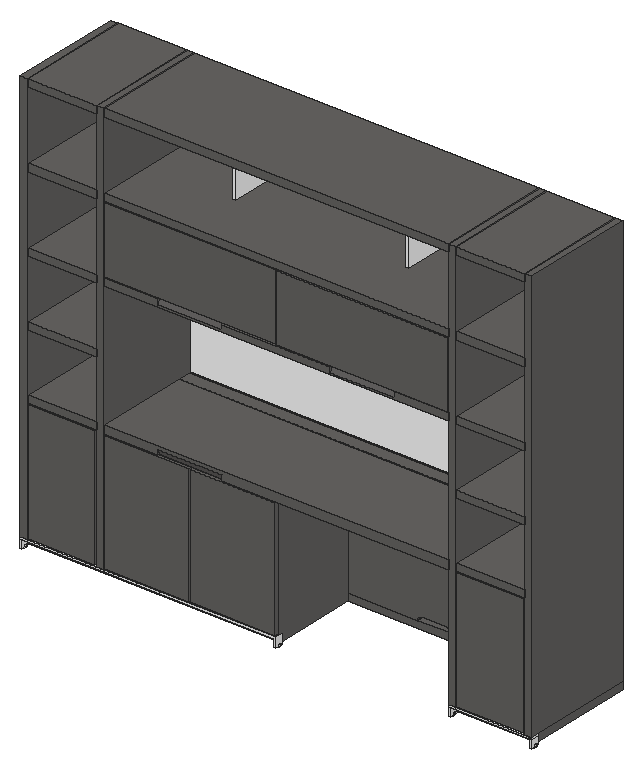
Revit family "Storage-Wall-Teknion-ZXSO_90_High_Without_Lights-R2011", category Furniture Systems, Revit 2013
Parameters (values of type "(See Type Catalog)")
  Working Wall Finish [instance] = Glass - Teknion - K6 - White Backpainted
  Width = 108 105/128"
  Warranty = "http://www.teknionstudio.com/pdfs/Teknion%20Studio%20Warranty.pdf"
  Wall Unit Finish [instance] = Veneer - Teknion - P7 - Grey Oak
  Unit Weight = 820.00 lbf
  URL = "www.teknionstudio.com"
  Tabletop Cutout Offset = if(Has Double Doors, 0", 4")  # 0"
  Right Storage Tower = Storage-Unit-Teknion-Tower : Upper Shelves & Lower Door
  Left Storage Tower = Storage-Unit-Teknion-Tower : Upper Shelves & Lower Door
  Series = "B&B Italia"
  Product Page URL = "http://www.teknionstudio.com/acexecutive/"
  Product Line = "AC Executive"
  Product Documentation Link = "http://www.teknionstudio.com/pricing/ac_executive_storage_walls_ppg.pdf"
  Part Number = "ZXSO"
  Model = ""
  Manufacturer Phone = "919-464-2920"
  Manufacturer Fax = "919-464-2927"
  Manufacturer Email = "customersupport@teknionstudio.com"
  Manufacturer Address = "3940 US 70 Business HWY West, Clayton, NC 27520"
  Manufacturer = "Teknion Studio"  # constant formula
  Low Emitting Material = yes
  Low Emitting Finish = yes
  Height = 89 123/128"
  Has File File Drawers = not(Has Double Doors)  # no
  Has Double Doors = yes
  Description = ""
  Depth = 24"
  Assembly Code = "E2020200"
Reference planes (in)
  plane 1 "Center F/B": y = 0
  plane 2: z = 0
  plane 3 "Back": y = 12
  plane 4 "Front": y = -12
  plane 5 "Doors Top": z = 73.80469
  plane 6: x = 28.60504
  plane 7: z = 29.68402
  plane 8: z = 56.1289
  plane 9: x = -44.78207
  plane 10: z = 2.1289
  plane 11 "Center L/R": x = -8.08858
  plane 12 "Foot Centerline": y = -11.2126
  plane 13 "Tabletop Cutout": y = -12
  plane 14 "Foot Centerline Front": y = -10.22835
  plane 15 "Foot Centerline Back": y = 10.22835
  plane 16: y = -8.484
  plane 17 "Left": x = -62.49874
  plane 18 "Center": x = -16.17717
  plane 19 "Right": x = 46.32157
  plane 20 "Top": z = 89.96094
Forms (in)
  Sweep 1, solid, material "Metal - Teknion - C6 - Chrome"
    path origin (0, 0, 0) x (1, 0, 0) y (0, 0, 1)
      loop
        line (-44.78207, 2.1289) -> (-8.08858, 2.1289) -> (-8.08858, 0.05803)
    profile origin (-26.43533, 0, 2.1289) x (0, 0, 1) y (0, -1, 0)
      loop
        line (0, 12) -> (-0.394, 12) -> (-0.394, 10.4252) -> (0, 10.4252) -> (0, 12)
  Sweep 2, solid, material "Metal - Teknion - C6 - Chrome"
    path origin (0, 0, 0) x (1, 0, 0) y (0, 0, 1)
      loop
        line (-44.78207, 2.1289) -> (-8.08858, 2.1289)
    profile origin (-26.43533, 0, 2.1289) x (0, 0, 1) y (0, -1, 0)
      loop
        line (-0.394, 10.6222) -> (-1.5748, 10.6222) -> (-1.5748, 10.4252) -> (-0.394, 10.4252) -> (-0.394, 10.6222)
  Revolve 3, solid, material "Metal - Teknion - C6 - Chrome"
    sketch origin (0.39385, -11.2126, 0) x (0, 0, -1) y (1, 0, 0)
      loop
        line (-0.4911, -8.67943) -> (0, -8.67943) -> (0, -8.34479) -> (-0.03937, -8.30542) -> (-0.20618, -8.30542) -> (-0.24555, -8.34479) -> (-0.28492, -8.30542) -> (-0.45173, -8.30542) -> (-0.4911, -8.34479) -> (-0.4911, -8.67943)
      axis (0, -8.67943) -> (-0.4911, -8.67943)
    angle from 0 to 360
  Sweep 4, solid, material "Veneer - Teknion - P7 - Grey Oak" <- "Wall Unit Finish"
    path origin (0, 0, 0) x (1, 0, 0) y (0, 0, 1)
      loop
        line (-44.78207, 29.68402) -> (28.60504, 29.68402)
    profile origin (-8.08852, 0, 29.68402) x (0, 0, 1) y (0, -1, 0)
      loop
        line (0, 12) -> (-1.7638, 12) -> (-1.7638, -7.11393) -> (-5.30827, -7.11393) -> (-5.30827, -7.08268) -> (-27.55512, -7.08268) -> (-27.55512, -7.11393) -> (-29.0945, -7.11393) -> (-29.0945, -12) -> (-27.55512, -12) -> (-27.55512, -7.80668) -> (-5.30828, -7.80668) -> (-5.30828, -12) -> (44.12067, -12) -> (44.12067, 12) -> (42.58097, 12) -> (42.58097, 11.2126) -> (27.98392, 11.2126) -> (27.98392, 12) -> (26.44488, 12) -> (26.44488, -10.94094) -> (0, -10.94094) -> (0, -10.90969) -> (-0.72441, -10.90969) -> (-0.72441, -10.56693) -> (0, -10.56693) -> (0, -8.05709) -> (-0.72441, -8.05709) -> (-0.72441, -7.80709) -> (0, -7.80709) -> (0, 12)
      loop
        line (60.27692, -12) -> (60.27692, 12) -> (58.73755, 12) -> (58.73755, -12) -> (60.27692, -12)
  Sweep 5, solid, material "Veneer - Teknion - P7 - Grey Oak" <- "Wall Unit Finish"
    path origin (0, 0, 0) x (1, 0, 0) y (0, 0, 1)
      loop
        line (-44.78207, 29.68402) -> (-8.08858, 29.68402)
    profile origin (-26.43533, 0, 29.68402) x (0, 0, 1) y (0, -1, 0)
      loop
        line (-1.7638, 11.27559) -> (-27.55512, 11.27559) -> (-27.55512, 10.4252) -> (-29.0945, 10.4252) -> (-29.0945, -12) -> (-1.7638, -12) -> (-1.7638, 11.27559)
  Sweep 6, solid, material "Veneer - Teknion - P7 - Grey Oak" <- "Wall Unit Finish"
    path origin (0, 0, 15.40683) x (-1, 0, 0) y (0, -1, 0)
      loop
        line (16.17717, 12) -> (16.17717, 11.276)
    profile origin (-16.17717, -11.638, 15.40683) x (-1, 0, 0) y (0, 0, 1)
      loop
        line (28.35376, 42.50186) -> (28.35376, 56.60815) -> (-7.96416, 56.60815) -> (-7.96416, 42.50186) -> (28.35376, 42.50186)
      loop
        line (-8.21416, 56.60815) -> (-44.5322, 56.60815) -> (-44.5322, 42.50186) -> (-8.21416, 42.50186) -> (-8.21416, 56.60815)
  Sweep 7, solid, material "Veneer - Teknion - P7 - Grey Oak" <- "Wall Unit Finish", visible <- "Has Double Doors"
    path origin (0, 0, 15.40683) x (-1, 0, 0) y (0, -1, 0)
      loop
        line (16.17717, 12) -> (16.17717, 11.276)
    profile origin (-16.17717, -11.638, 15.40683) x (-1, 0, 0) y (0, 0, 1)
      loop
        line (-7.83788, 12.26339) -> (-7.83788, -13.03482) -> (10.15331, -13.03482) -> (10.15331, 12.26339) -> (-7.83788, 12.26339)
      loop
        line (10.40331, 12.26339) -> (10.40331, -13.03482) -> (28.35504, -13.03482) -> (28.35504, 12.26339) -> (10.40331, 12.26339)
  Sweep 8, solid, material "Veneer - Teknion - P7 - Grey Oak" <- "Wall Unit Finish", visible <- "Has File File Drawers"
    path origin (0, 0, 15.40683) x (-1, 0, 0) y (0, -1, 0)
      loop
        line (16.17717, 12) -> (16.17717, 11.276)
    profile origin (-16.17717, -11.638, 15.40683) x (-1, 0, 0) y (0, 0, 1)
      loop
        line (-7.83801, 12.26339) -> (-7.83801, 0.01144) -> (28.3549, 0.01144) -> (28.3549, 12.26339) -> (-7.83801, 12.26339)
      loop
        line (28.3549, -0.77597) -> (-7.83801, -0.77597) -> (-7.83801, -13.03482) -> (28.3549, -13.03482) -> (28.3549, -0.77597)
  Sweep 9, void
    path origin (0, 0, 0) x (1, 0, 0) y (0, 0, 1)
      loop
        line (-33.34466, 29.68402) -> (-19.56514, 29.68402)
    profile origin (-26.4549, 0, 29.68402) x (0, 0, 1) y (0, -1, 0)
      loop
        line (-1.7638, 12) -> (-1.7638, 11.52756) -> (-0.66143, 12) -> (-1.7638, 12)
  Sweep 10, void
    path origin (0, 0, 0) x (1, 0, 0) y (0, 0, 1)
      loop
        line (-33.3248, 56.1289) -> (-19.54528, 56.1289)
    profile origin (-26.43504, 0, 56.1289) x (0, 0, 1) y (0, -1, 0)
      loop
        line (1.53937, 12) -> (0.43699, 12) -> (1.53937, 11.52755) -> (1.53937, 12)
  Sweep 11, void
    path origin (0, 0, 0) x (1, 0, 0) y (0, 0, 1)
      loop
        line (3.36811, 56.1289) -> (17.14764, 56.1289)
    profile origin (10.25787, 0, 56.1289) x (0, 0, 1) y (0, -1, 0)
      loop
        line (1.53937, 11.52755) -> (1.53937, 12) -> (0.43699, 12) -> (1.53937, 11.52755)
  Sweep 12, void
    path origin (0, 0, 0) x (1, 0, 0) y (0, 1, 0)
      loop
        line (0, 7.80668) -> (0, 7.08268)
    profile origin (0, 7.44468, 0) x (1, 0, 0) y (0, 0, 1)
      loop
        line (6.83338, 24.37575) -> (6.83338, 23.51079)
        arc (6.83338, 23.51079) -> (7.06401, 22.95401) -> (7.62079, 22.72339) r 0.7874
        line (7.62079, 22.72339) -> (12.93575, 22.72339)
        arc (12.93575, 22.72339) -> (13.49252, 22.95401) -> (13.72315, 23.51079) r 0.7874
        line (13.72315, 23.51079) -> (13.72315, 24.37575) -> (6.83338, 24.37575)
      loop
        line (13.72315, 2.1289) -> (13.72315, 2.28638)
        arc (13.72315, 2.28638) -> (13.50406, 2.81532) -> (12.97512, 3.03441) r 0.74803
        line (12.97512, 3.03441) -> (7.58142, 3.03441)
        arc (7.58142, 3.03441) -> (7.05248, 2.81532) -> (6.83338, 2.28638) r 0.74803
        line (6.83338, 2.28638) -> (6.83338, 2.1289) -> (13.72315, 2.1289)
  Sweep 13, solid, material "Acrylic - Teknion - Clear"
    path origin (0.93574, 0, 38.14576) x (-1, 0, 0) y (0, -1, 0)
      loop
        line (9.02433, -11.25197) -> (9.02433, 0.16535)
    profile origin (-8.08858, 5.54331, 38.14576) x (1, 0, 0) y (0, 0, 1)
      loop
        line (-18.65699, 50.26562) -> (-18.65699, 35.65893) -> (-18.0625, 35.65893) -> (-18.0625, 50.26562) -> (-18.65699, 50.26562)
      loop
        line (18.0625, 50.26562) -> (18.0625, 35.65893) -> (18.65699, 35.65893) -> (18.65699, 50.26562) -> (18.0625, 50.26562)
Cuts and joins
  joined: Sweep 1, Sweep 2, Revolve 3
  Sweep 9, Sweep 10, Sweep 11, Sweep 12 cuts Sweep 4
  joined: Sweep 4, Sweep 5
Lines and regions (in)
  Masking region 1
    outline origin (0, 0, 15.40683) x (-1, 0, 0) y (0, -1, 0)
      loop
        line (44.78207, -12) -> (44.78207, 12) -> (-28.60504, 12) -> (-28.60504, -12) -> (44.78207, -12)
  symbolic lines, style "Elevation Swing"
    curve 1: line (-44.78207, -12, 57.66827) -> (-26.43533, -12, 72.01499)
    curve 2: line (-8.08858, -12, 57.66832) -> (-26.43533, -12, 72.01499)
    curve 3: line (-8.08858, 0, 57.66832) -> (10.25823, 0, 72.18658)
    curve 4: line (10.25823, 0, 72.18658) -> (28.60504, 0, 57.66827)
  symbolic lines, style "Elevation Swing", visible <- "Has Double Doors"
    curve 5: line (-26.58047, 0, 27.67022) -> (-44.5322, 0, 15.02111)
    curve 6: line (-44.5322, 0, 15.02111) -> (-26.58047, 0, 2.37201)
    curve 7: line (-26.33047, 0, 2.37201) -> (-8.33929, 0, 15.02456)
    curve 8: line (-8.33929, 0, 15.02456) -> (-26.33047, 0, 27.67022)
  symbolic lines, style "FurnitureSystemsHiddenLines", detail levels medium+fine
    curve 9: line (-8.08858, 12, 15.40683) -> (-8.08858, -12, 15.40683)
  symbolic lines, style "FurnitureSystemsHiddenLines", detail levels fine
    curve 10: line (-44.78207, -11.276, 15.40683) -> (-8.08858, -11.276, 15.40683)
  symbolic lines, style "FurnitureSystems", visible <- "Has Double Doors"
    curve 11: arc (-26.43533, -12, 15.40683) -> (-21.06169, -24.97311, 15.40683) -> (-8.08858, -30.34674, 15.40683) r 18.34674
    curve 12: arc (-44.78207, -30.34674, 15.40683) -> (-31.80896, -24.97311, 15.40683) -> (-26.43533, -12, 15.40683) r 18.34674
    curve 13: line (-44.78207, -12, 15.40683) -> (-44.78207, -30.34674, 15.40683)
    curve 14: line (-8.08858, -12, 15.40683) -> (-8.08858, -30.34674, 15.40683)
Dimensions and locks (in)
  equal spacing: plane 3 "Back", plane 1 "Center F/B", plane 4 "Front"
  "Depth": plane 3 "Back" to plane 4 "Front"
  "Height": plane 20 "Top" to plane 2
  locked: plane 7 to plane 2 at 29.68402
  locked: plane 8 to plane 7 at 26.44488
  locked: plane 10 to plane 2 at 2.1289
  locked: plane 10 to Sweep 2 sketch curve at 0.394
  locked: Sweep 2 sketch curve to Sweep 2 sketch curve at 1.1808
  plane 4 "Front" to Sweep 2 sketch curve to Sweep 2 sketch curve = 1.3778" locked, 0.197" locked
  locked: plane 4 "Front" to plane 12 "Foot Centerline" at 0.7874
  locked: plane 10 to Sweep 4 sketch curve at 1.53939
  locked: plane 7 to Sweep 4 sketch curve at 1.7638
  Sweep 5 sketch curve to Sweep 5 sketch curve to plane 3 "Back" = 23.27559", 0"
  locked: plane 7 to Sweep 5 sketch curve at 1.7638
  locked: plane 4 "Front" to Sweep 5 sketch curve at 1.5748
  locked: plane 4 "Front" to Sweep 6 sketch curve at 0.724
  plane 5 "Doors Top" to Sweep 6 sketch curve to Sweep 6 sketch curve = 1.7897" locked, 14.1063" locked  (x2)
  Sweep 6 sketch curve to Sweep 6 sketch curve to Sweep 6 sketch curve to Sweep 6 sketch curve = 36.31805", 1/4", 36.31791"
  locked: plane 4 "Front" to Sweep 7 sketch curve at 0.724
  locked: plane 4 "Front" to Sweep 8 sketch curve at 0.724
  locked: Sweep 9 sketch curve to Sweep 9 sketch curve at 13.77953
  locked: plane 7 to Sweep 9 sketch curve at 1.7638
  locked: plane 13 "Tabletop Cutout" to Sweep 9 sketch curve at 0.47244
  "Tabletop Cutout Offset": plane 13 "Tabletop Cutout" to plane 4 "Front"
  locked: Sweep 10 sketch curve to Sweep 10 sketch curve at 13.77953
  locked: Sweep 10 sketch curve to plane 8 at 1.53937
  locked: Sweep 10 sketch curve to plane 8 at 0.43699
  locked: plane 4 "Front" to Sweep 10 sketch curve at 0.47245
  Sweep 11 sketch curve to Sweep 11 sketch curve to plane 8 = 1.10238" locked, 0.43699" locked
  locked: plane 4 "Front" to Sweep 11 sketch curve at 0.47245
  plane 3 "Back" to Sweep 12 sketch curve to Sweep 12 sketch curve = 4.19332" locked, 0.724" locked
  equal spacing: plane 11 "Center L/R", curve 2, plane 9
  equal spacing: plane 6, curve 4, plane 11 "Center L/R"
  locked: plane 4 "Front" to curve 10 at 0.724
  locked: plane 3 "Back" to plane 15 "Foot Centerline Back" at 1.77165
  locked: plane 4 "Front" to plane 14 "Foot Centerline Front" at 1.77165
  locked: plane 4 "Front" to plane 16 at 3.516
  locked: plane 17 "Left" to plane 9 at 17.71667
  locked: Sweep 7 sketch curve to Sweep 7 sketch curve at 25.29821  (x2)
  Sweep 7 sketch curve to Sweep 7 sketch curve to Sweep 7 sketch curve to Sweep 7 sketch curve = 17.95173" locked, 1/4" locked, 17.99118" locked
  Sweep 8 sketch curve to Sweep 8 sketch curve to Sweep 8 sketch curve to Sweep 8 sketch curve = 12.25195" locked, 0.7874" locked, 12.25886" locked
  locked: Sweep 8 sketch curve to Sweep 8 sketch curve at 36.19291  (x2)
  locked: Sweep 12 sketch curve to Sweep 12 sketch curve at 6.88976  (x2)
  locked: Sweep 12 sketch curve to Sweep 12 sketch curve at 1.65236
  locked: Sweep 1 sketch curve to plane 2 at 0.05803
  locked: plane 11 "Center L/R" to Sweep 10 sketch curve at 11.45669
  Sweep 11 sketch curve to Sweep 11 sketch curve to plane 11 "Center L/R" = 13.77953" locked, 11.45669" locked
  locked: plane 11 "Center L/R" to Sweep 12 sketch curve at 14.92197
  locked: Sweep 12 sketch curve to plane 11 "Center L/R" at 14.92197
  locked: Sweep 8 sketch curve to plane 11 "Center L/R" at 0.25057
  locked: plane 11 "Center L/R" to Sweep 8 sketch curve at 0.25057
  locked: plane 7 to Sweep 8 sketch curve at 2.0138
  locked: plane 11 "Center L/R" to Sweep 7 sketch curve at 0.25071
  locked: plane 7 to Sweep 7 sketch curve at 2.0138  (x2)
  locked: plane 18 "Center" to plane 11 "Center L/R" at 8.08858
  locked: Sweep 6 sketch curve to plane 6 at 0.25
  locked: plane 6 to plane 19 "Right" at 17.71654
  "Width": plane 17 "Left" to plane 19 "Right"
  equal spacing: plane 17 "Left", plane 11 "Center L/R", plane 19 "Right"
  plane 20 "Top" to plane 5 "Doors Top" = 16 5/32"
  locked: Sweep 13 sketch curve to Sweep 13 sketch curve at 11.41732
  locked: Sweep 13 sketch curve to Sweep 13 sketch curve at 0.59449  (x2)
  locked: plane 3 "Back" to Sweep 13 sketch curve at 0.74803
  locked: Sweep 13 sketch curve to plane 11 "Center L/R" at 18.0625
  equal spacing: Sweep 13 sketch curve, plane 11 "Center L/R", Sweep 13 sketch curve
  locked: Sweep 13 sketch curve to plane 5 "Doors Top" at 14.60669  (x2)
  locked: plane 20 "Top" to Sweep 4 sketch curve at 1.53937
  locked: plane 5 "Doors Top" to Sweep 4 sketch curve at 1.5397
  locked: Sweep 4 sketch curve to plane 8 at 1.53904
  locked: plane 7 to Sweep 12 sketch curve at 5.30827
  locked: Sweep 9 sketch curve to plane 9 at 11.43741
  Revolve 3 sketch curve to Revolve 3 sketch curve to Revolve 3 sketch curve to Revolve 3 sketch curve to Revolve 3 sketch curve to Revolve 3 sketch curve to plane 2 = 0.03937" locked, 0.16681" locked, 0.03937" locked, 0.03937" locked, 0.16681" locked, 0.03937" locked
  Revolve 3 sketch curve to Revolve 3 sketch curve to plane 11 "Center L/R" to Revolve 3 sketch curve = 0" locked, 0.17702" locked, 0.197" locked
  locked: plane 11 "Center L/R" to Revolve 3 sketch curve at 0.197
  equal spacing: plane 9, curve 12, plane 11 "Center L/R"
  aligned and locked: level to plane 2
  aligned and locked: Sweep 1 sketch curve to plane 10  (x2)
  aligned and locked: Sweep 1 sketch curve to plane 4 "Front"
  aligned and locked: Sweep 2 sketch curve to plane 10
  aligned and locked: plane 9 to Sweep 4 sketch curve
  aligned and locked: plane 6 to Sweep 4 sketch curve
  aligned and locked: Sweep 4 sketch curve to plane 7  (x4)
  aligned and locked: Sweep 4 sketch curve to plane 4 "Front"  (x2)
  aligned and locked: plane 3 "Back" to Sweep 4 sketch curve  (x2)
  aligned and locked: Sweep 5 sketch curve to plane 7
  aligned and locked: plane 10 to Sweep 5 sketch curve
  aligned and locked: plane 4 "Front" to Sweep 6 sketch curve
  aligned and locked: Sweep 4 sketch curve to plane 8
  aligned and locked: plane 4 "Front" to Sweep 7 sketch curve
  aligned and locked: plane 4 "Front" to Sweep 8 sketch curve
  aligned and locked: Sweep 9 sketch curve to plane 7
  aligned and locked: plane 13 "Tabletop Cutout" to Sweep 9 sketch curve
  aligned and locked: Sweep 10 sketch curve to plane 8
  aligned and locked: Sweep 11 sketch curve to plane 8
  aligned and locked: Sweep 11 sketch curve to plane 4 "Front"
  aligned and locked: plane 9 to curve 1
  aligned and locked: plane 11 "Center L/R" to curve 2
  aligned and locked: Sweep 6 to curve 2
  aligned and locked: plane 6 to curve 4
  aligned and locked: Masking region 1 sketch curve to plane 3 "Back"
  aligned and locked: Masking region 1 sketch curve to plane 4 "Front"
  aligned and locked: plane 3 "Back" to curve 9
  aligned and locked: plane 4 "Front" to curve 9
  aligned and locked: plane 4 "Front" to Sweep 10 sketch curve
  aligned and locked: Sweep 4 sketch curve to plane 5 "Doors Top"
  aligned and locked: plane 12 "Foot Centerline" to Sweep 4 sketch curve
  aligned and locked: plane 4 "Front" to Sweep 4 sketch curve  (x2)
  aligned and locked: Sweep 1 sketch curve to plane 11 "Center L/R"
  aligned and locked: plane 10 to Sweep 12 sketch curve
  aligned and locked: plane 9 to Masking region 1 sketch curve
  aligned and locked: Sweep 7 sketch curve to plane 18 "Center"
  aligned and locked: plane 1 "Center F/B" to Sweep 5 sketch curve
  aligned: plane 11 "Center L/R" to Sweep 5 sketch curve
  aligned: plane 6 to Sweep 5 sketch curve
  aligned and locked: Sweep 8 sketch curve to plane 18 "Center"
  aligned and locked: Sweep 6 sketch curve to plane 18 "Center"
  aligned and locked: nested 1 to plane 2
  aligned and locked: Sweep 7 to curve 7
  aligned and locked: curve 6 to Sweep 7
  aligned and locked: curve 8 to Sweep 7
  aligned and locked: Sweep 7 to curve 5
  aligned and locked: Sweep 7 to Sweep 7
  aligned and locked: Sweep 7 to curve 6  (x2)
  aligned and locked: curve 7 to Sweep 7
  aligned and locked: Sweep 7 to curve 8
  aligned and locked: plane 9 to nested 1
  aligned and locked: nested 1 to plane 1 "Center F/B"
  aligned and locked: Masking region 1 sketch curve to plane 6
  aligned and locked: plane 1 "Center F/B" to nested 2
  aligned and locked: nested 2 to plane 6
  aligned and locked: plane 2 to nested 2
  aligned and locked: Sweep 13 sketch curve to plane 11 "Center L/R"
  aligned and locked: plane 5 "Doors Top" to Sweep 13 sketch curve  (x2)
  aligned and locked: Sweep 4 sketch curve to plane 20 "Top"
  aligned and locked: plane 9 to Sweep 5 sketch curve
  aligned and locked: plane 11 "Center L/R" to Sweep 5 sketch curve
  aligned and locked: plane 9 to Sweep 1 sketch curve
  aligned and locked: plane 10 to Sweep 1 sketch curve
  aligned and locked: plane 9 to Sweep 2 sketch curve
  aligned and locked: plane 11 "Center L/R" to Sweep 2 sketch curve
  aligned and locked: nested 1 to curve 10
  aligned and locked: plane 4 "Front" to curve 12
  aligned and locked: plane 4 "Front" to Sweep 7
  aligned and locked: curve 14 to plane 11 "Center L/R"
  aligned and locked: curve 13 to plane 9
  aligned and locked: Sweep 4 sketch curve to plane 3 "Back"
  aligned and locked: Sweep 4 sketch curve to plane 10
Automatic sketch dimensions
  plane 8 to curve 2 = 1.53942"
  plane 8 to curve 1 = 1.53937"
  profile plane to Sweep 1 sketch curve = 0.394"
  Sweep 1 sketch curve to Sweep 1 sketch curve = 1.5748"
  Sweep 5 sketch curve to plane 11 "Center L/R" = 36.69349"
  Sweep 5 sketch curve to plane 6 = 36.69362"
  Sweep 5 sketch curve to Sweep 5 sketch curve = 1.53939"
  profile plane to Sweep 9 sketch curve = 0.66143"
  Sweep 12 sketch curve to Sweep 12 sketch curve = 0.74803"  (x2)
  Sweep 12 sketch curve to Sweep 12 sketch curve = 0.7874"  (x2)
  Sweep 12 sketch curve to Sweep 12 sketch curve = 0.15748"
  curve 3 to plane 11 "Center L/R" = 0"
  curve 8 to plane 6 = 36.94433"
  curve 8 to curve 5 = 0"
  plane 10 to curve 8 = 12.89566"
  plane 10 to curve 6 = 12.89222"
  plane 8 to curve 4 = 1.53937"
  plane 8 to curve 3 = 1.53942"
  curve 3 to plane 5 "Doors Top" = 1.61811"
  plane 11 "Center L/R" to Sweep 12 sketch curve = 8.08858"
  Revolve 3 sketch curve to level = 0"  (x2)
  plane 11 "Center L/R" to Revolve 3 sketch curve = 0.13765"
  Revolve 3 sketch curve to Revolve 3 sketch curve = 0.4777"
  Revolve 3 sketch curve to Revolve 3 sketch curve = 0.03937"
  curve 11 to curve 12 = 0"
  curve 13 to curve 12 = 0"
  Sweep 4 sketch curve to Sweep 4 sketch curve = 1.53939"
  Sweep 4 sketch curve to Sweep 4 sketch curve = 3.54449"
  Sweep 4 sketch curve to Sweep 4 sketch curve = 0"
  profile plane to Sweep 4 sketch curve = 0.72441"
  Sweep 4 sketch curve to Sweep 4 sketch curve = 0.72441"
  Sweep 4 sketch curve to Sweep 4 sketch curve = 1.05906"
  Sweep 4 sketch curve to Sweep 4 sketch curve = 1/32"  (x2)
  Sweep 4 sketch curve to Sweep 4 sketch curve = 0.34277"
  Sweep 4 sketch curve to Sweep 4 sketch curve = 2.50984"
  Sweep 4 sketch curve to Sweep 4 sketch curve = 1/4"
  Sweep 4 sketch curve to Sweep 4 sketch curve = 4.19332"
  Sweep 4 sketch curve to Sweep 4 sketch curve = 0.69316"
  Sweep 4 sketch curve to Sweep 4 sketch curve = 0.69275"
Nested families (in)
  nested 1: "Storage-Unit-Teknion-Tower" at (-53.64034, 0, 0) x (-1, 0, 0) z (0, 0, 1), type <- "Left Storage Tower", Height <- "Height", type "Upper Shelves & Lower Door"
    with Height 89 123/128", Has Top Shelf yes, Has Right Leg yes, Has Left Leg no, Bottom Drawer Height 26.016"
  nested 2: "Storage-Unit-Teknion-Tower" at (37.46331, 0, 0), type <- "Right Storage Tower", Height <- "Height", type "Upper Shelves & Lower Door"
    with Height 89 123/128", Has Top Shelf yes, Has Right Leg yes, Has Left Leg yes, Bottom Drawer Height 26.016"
Definition of nested family "Storage-Unit-Teknion-Tower"
  Parameters (values of type "Upper Wardrobe & Lower Door")
    Width = 17.71654"
    Warranty = "http://www.teknionstudio.com/pdfs/Teknion%20Studio%20Warranty.pdf"
    Wall Unit Finish = Veneer - Teknion - P8 - Light Brushed Oak
    URL = "www.teknionstudio.com"
    Series = "B&B Italia"  # constant formula
    Product Line = "AC Executive"  # constant formula
    Model = ""
    Middle Drawer Height = if(Has Top Drawer, 6.425", 12.719")  # 12.719"
    Manufacturer Phone = "919-464-2920"
    Manufacturer Fax = "919-464-2927"
    Manufacturer Email = "customersupport@teknionstudio.com"
    Manufacturer Address = "3940 US 70 Business HWY West, Clayton, NC 27520"
    Manufacturer = "Teknion Studio"  # constant formula
    Height [instance] = 73.81394"
    Has Top Shelf [instance] = and(Height > 75", Has Shelves)  # no
    Has Top Drawer = no
    Has Top Door = yes
    Has Shelves = no
    Has Right Leg [instance] = yes
    Has Middle Drawer = no
    Has Lower Shelf = yes
    Has Left Leg [instance] = no
    Has Full Wardrobe Door = no
    Has Doors = yes
    Door Projection Symbol = yes
    Description = "Tower Storage Unit"
    Depth = 24"
    Bottom Drawer Height [instance] = if(Has Middle Drawer, 13.047", if(Has Top Drawer, 13.047", if(Has Full Wardrobe Door, (Height - 3.668"), 26.016")))  # 26.016"
    Assembly Code = "E2010200"
  Types (7): name | Middle Drawer Height | Has Top Drawer | Has Top Door | Has Shelves | Has Middle Drawer | Has Lower Shelf | Has Full Wardrobe Door | Has Doors | Door Projection Symbol | Bottom Drawer Height
    Upper Shelves & Lower Door | 12.719" | no | no | yes | no | yes | no | yes | yes | 26.016"
    Upper Shelves & File/File Pedestal | 12.719" | no | no | yes | yes | yes | no | no | no | 13.047"
    Upper Shelves & Box/Box/File Pedestal | 6.425" | yes | no | yes | yes | yes | yes | no | no | 13.047"
    Full Wardrobe | 12.719" | no | no | no | no | no | yes | yes | yes | 70.14594"
    Upper Wardrobe & Lower Door | 12.719" | no | yes | no | no | yes | no | yes | yes | 26.016"
    Upper Wardrobe & File/File Pedestal | 12.719" | no | yes | no | yes | yes | no | no | yes | 13.047"
    Upper Wardrobe & Box/Box/File Pedestal | 6.425" | yes | yes | no | yes | yes | no | no | yes | 13.047"
  Reference planes (in)
    plane 1 "Center F/B": y = 0
    plane 2: z = 0
    plane 3 "Center L/R": x = 0
    plane 4 "Left": x = -8.85827
    plane 5 "Right": x = 8.85827
    plane 6 "Back": y = 12
    plane 7 "Front": y = -12
    plane 8 "Top": z = 73.81394
    plane 9: x = -7.3189
    plane 10: x = 7.3189
    plane 11: z = 2.1289
    plane 12 "Foot Centerline": y = -11.2126
    plane 13: z = 29.68402
    plane 14 "Drawer 1 Top": z = 28.1449
    plane 15 "Drawer 2 Top": z = 40.8639
    plane 16 "Drawer 3 Top": z = 27.89502
    plane 17: z = 42.13677
  Forms (in)
    Sweep 1, solid, material "Metal - Teknion - C6 - Chrome", visible <- "Has Left Leg"
      path origin (0, -12, 0) x (1, 0, 0) y (0, 0, 1)
        loop
          line (-8.85827, 1.7349) -> (-8.85827, 0.05803)
      profile origin (-8.85827, -12, 0.89646) x (0, -1, 0) y (1, 0, 0)
        loop
          line (-1.5748, 0) -> (0, 0) -> (0, 0.394) -> (-1.5748, 0.394) -> (-1.5748, 0)
    Sweep 2, solid, material "Metal - Teknion - C6 - Chrome"
      path origin (0, -12, 0) x (1, 0, 0) y (0, 0, 1)
        loop
          line (-8.85827, 2.1289) -> (8.46427, 2.1289)
      profile origin (-0.197, -12, 2.1289) x (0, 0, 1) y (0, -1, 0)
        loop
          line (-0.394, -1.5748) -> (-0.394, -1.3778) -> (-1.575, -1.3778) -> (-1.575, -1.5748) -> (-0.394, -1.5748)
    Revolve 3, solid, material "Metal - Teknion - C6 - Chrome"
      sketch origin (0, -11.2126, 0) x (0, 0, -1) y (1, 0, 0)
        loop
          line (-0.4911, 8.32677) -> (-0.45173, 8.2874) -> (-0.28492, 8.2874) -> (-0.24555, 8.32677) -> (-0.20618, 8.2874) -> (-0.03937, 8.2874) -> (0, 8.32677) -> (0, 8.66142) -> (-0.4911, 8.66142) -> (-0.4911, 8.32677)
        axis (0, 8.66142) -> (-0.4911, 8.66142)
      angle from 0 to 360
    Revolve 4, solid, material "Metal - Teknion - C6 - Chrome", visible <- "Has Left Leg"
      sketch origin (0, -11.2126, 0) x (0, 0, -1) y (1, 0, 0)
        loop
          line (0, -8.99606) -> (0, -8.66142) -> (-0.4911, -8.66142) -> (-0.4911, -8.99606) -> (-0.45173, -9.03543) -> (-0.28492, -9.03543) -> (-0.24555, -8.99606) -> (-0.20618, -9.03543) -> (-0.03937, -9.03543) -> (0, -8.99606)
        axis (0, -8.66142) -> (-0.4911, -8.66142)
      angle from 0 to 360
    Sweep 5, solid, material "Veneer - Teknion - P8 - Light Brushed Oak" <- "Wall Unit Finish"
      path origin (0, 0, 0) x (1, 0, 0) y (0, 0, 1)
        loop
          line (0, 2.1289) -> (0, 73.81394)
      profile origin (0, 0, 37.97142) x (-1, 0, 0) y (0, -1, 0)
        loop
          line (8.85827, -12) -> (8.85827, 12) -> (7.3189, 12) -> (7.3189, -12) -> (8.85827, -12)
        loop
          line (-7.3189, 12) -> (-8.85827, 12) -> (-8.85827, -12) -> (-7.3189, -12) -> (-7.3189, 12)
    Sweep 6, solid, material "Veneer - Teknion - P8 - Light Brushed Oak" <- "Wall Unit Finish"
      path origin (0, 0, 15.40683) x (-1, 0, 0) y (0, -1, 0)
        loop
          line (0, -12) -> (0, 12)
      profile origin (0, 0, 15.40683) x (1, 0, 0) y (0, 0, 1)
        loop
          line (-7.3189, 58.4071) -> (-7.3189, 56.86773) -> (7.3189, 56.86773) -> (7.3189, 58.4071) -> (-7.3189, 58.4071)
    Sweep 7, solid, material "Veneer - Teknion - P8 - Light Brushed Oak" <- "Wall Unit Finish"
      path origin (0, -12, 0) x (1, 0, 0) y (0, 0, 1)
        loop
          line (0, 2.1289) -> (0, 72.27457)
      profile origin (0, -12, 37.20173) x (-1, 0, 0) y (0, -1, 0)
        loop
          line (7.3189, -24) -> (7.3189, -23.25) -> (-7.3189, -23.25) -> (-7.3189, -24) -> (7.3189, -24)
    Sweep 8, solid, material "Veneer - Teknion - P8 - Light Brushed Oak" <- "Wall Unit Finish", visible <- "Has Lower Shelf"
      path origin (0, -12, 0) x (1, 0, 0) y (0, 0, 1)
        loop
          line (-7.3189, 29.68402) -> (7.3189, 29.68402)
      profile origin (0, -12, 29.68402) x (0, 0, 1) y (0, -1, 0)
        loop
          line (0, 0) -> (-1.539, 0) -> (-1.539, -0.724) -> (-27.55512, -0.724) -> (-27.55512, -23.25) -> (0, -23.25) -> (0, 0)
    Sweep 9, solid, material "Veneer - Teknion - P8 - Light Brushed Oak" <- "Wall Unit Finish"
      path origin (0, -12, 0) x (1, 0, 0) y (0, 0, 1)
        loop
          line (0, 2.3789) -> (0, 27.8949)
      profile origin (0, -12, 15.1369) x (-1, 0, 0) y (0, -1, 0)
        loop
          line (7.0689, -0.724) -> (7.0689, 0) -> (-7.0689, 0) -> (-7.0689, -0.724) -> (7.0689, -0.724)
    Sweep 10, solid, material "Veneer - Teknion - P8 - Light Brushed Oak" <- "Wall Unit Finish", visible <- "Has Middle Drawer"
      path origin (0, -12, 0) x (1, 0, 0) y (0, 0, 1)
        loop
          line (0, 28.1449) -> (0, 40.8639)
      profile origin (0, -12, 34.5044) x (-1, 0, 0) y (0, -1, 0)
        loop
          line (7.0689, -0.724) -> (7.0689, 0) -> (-7.0689, 0) -> (-7.0689, -0.724) -> (7.0689, -0.724)
    Sweep 11, solid, material "Veneer - Teknion - P8 - Light Brushed Oak" <- "Wall Unit Finish", visible <- "Has Top Drawer"
      path origin (0, -12, 0) x (1, 0, 0) y (0, 0, 1)
        loop
          line (0, 47.15802) -> (0, 41.1139)
      profile origin (0, -12, 44.13596) x (0, -1, 0) y (1, 0, 0)
        loop
          line (0, 7.0689) -> (-0.724, 7.0689) -> (-0.724, -7.0689) -> (0, -7.0689) -> (0, 7.0689)
    Sweep 12, solid, material "Veneer - Teknion - P8 - Light Brushed Oak" <- "Wall Unit Finish", visible <- "Has Shelves"
      path origin (0, -12, 0) x (1, 0, 0) y (0, 0, 1)
        loop
          line (0, 42.13677) -> (0, 43.67614)
      profile origin (0, -12, 42.90646) x (-1, 0, 0) y (0, -1, 0)
        loop
          line (7.3189, -23.25) -> (7.3189, 0) -> (-7.3189, 0) -> (-7.3189, -23.25) -> (7.3189, -23.25)
    Sweep 13, solid, material "Veneer - Teknion - P8 - Light Brushed Oak" <- "Wall Unit Finish", visible <- "Has Shelves"
      path origin (0, -12, 13.9918) x (1, 0, 0) y (0, 0, 1)
        loop
          line (0, 42.13677) -> (0, 43.67614)
      profile origin (0, -12, 56.89825) x (-1, 0, 0) y (0, -1, 0)
        loop
          line (7.3189, -23.25) -> (7.3189, 0) -> (-7.3189, 0) -> (-7.3189, -23.25) -> (7.3189, -23.25)
    Sweep 14, solid, material "Veneer - Teknion - P8 - Light Brushed Oak" <- "Wall Unit Finish", visible <- "Has Top Door"
      path origin (0, -12, 0) x (1, 0, 0) y (0, 0, 1)
        loop
          line (0, 29.93402) -> (0, 72.02457)
      profile origin (0, -12, 50.97929) x (-1, 0, 0) y (0, -1, 0)
        loop
          line (7.0689, -0.724) -> (7.0689, 0) -> (-7.0689, 0) -> (-7.0689, -0.724) -> (7.0689, -0.724)
    Sweep 15, solid, material "Veneer - Teknion - P8 - Light Brushed Oak" <- "Wall Unit Finish"
      path origin (0, -12, 0) x (1, 0, 0) y (0, 0, 1)
        loop
          line (-8.85827, 2.1289) -> (8.85827, 2.1289)
      profile origin (0, -12, 2.1289) x (0, 0, 1) y (0, -1, 0)
        loop
          line (0, -1.5748) -> (-1.53937, -1.5748) -> (-1.53937, -24) -> (0, -24) -> (0, -1.5748)
    Sweep 16, solid, material "Veneer - Teknion - P8 - Light Brushed Oak" <- "Wall Unit Finish", visible <- "Has Top Shelf"
      path origin (0, 0, 0) x (1, 0, 0) y (0, 0, 1)
        loop
          line (0, 73.81394) -> (0, 72.27457)
      profile origin (0, 0, 73.04425) x (0, -1, 0) y (1, 0, 0)
        loop
          line (-11.25, -7.3189) -> (12, -7.3189) -> (12, 7.3189) -> (-11.25, 7.3189) -> (-11.25, -7.3189)
    Sweep 17, solid, material "Metal - Teknion - C6 - Chrome"
      path origin (0, 0, 0) x (1, 0, 0) y (0, 0, 1)
        loop
          line (-8.85827, 2.1289) -> (8.85827, 2.1289)
      profile origin (0, 0, 2.1289) x (0, 0, 1) y (0, -1, 0)
        loop
          line (0, 10.4252) -> (0, 12) -> (-0.394, 12) -> (-0.394, 10.4252) -> (0, 10.4252)
    Sweep 18, solid, material "Metal - Teknion - C6 - Chrome"
      path origin (0, 0, 0) x (1, 0, 0) y (0, 0, 1)
        loop
          line (8.85827, 1.7349) -> (8.85827, 0.05803)
      profile origin (8.85827, 0, 0.89646) x (0, -1, 0) y (1, 0, 0)
        loop
          line (10.4252, -0.394) -> (12, -0.394) -> (12, 0) -> (10.4252, 0) -> (10.4252, -0.394)
  Lines and regions (in)
    Masking region 1
      outline origin (0, 0, 15.40683) x (-1, 0, 0) y (0, -1, 0)
        loop
          line (8.85827, -12) -> (8.85827, 12) -> (-8.85827, 12) -> (-8.85827, -12) -> (8.85827, -12)
    symbolic lines, style "FurnitureSystems", detail levels medium+fine
      curve 1: line (-7.3189, 12, 15.40683) -> (-7.3189, -12, 15.40683)
      curve 2: line (7.3189, 12, 15.40683) -> (7.3189, -12, 15.40683)
    symbolic lines, style "FurnitureSystemsHiddenLines", detail levels fine
      curve 3: line (-7.3189, -11.276, 15.40683) -> (7.3189, -11.276, 15.40683)
    symbolic lines, style "Elevation Swing", visible <- "Has Doors"
      curve 4: line (-7.3189, -12, 2.1289) -> (7.3189, -12, 15.1369)
      curve 5: line (7.3189, -12, 15.1369) -> (-7.3189, -12, 28.1449)
    symbolic lines, style "Elevation Swing", visible <- "Has Top Door"
      curve 6: line (-7.3189, -12, 29.68402) -> (7.3189, -12, 50.97929)
      curve 7: line (7.3189, -12, 50.97929) -> (-7.3189, -12, 72.27457)
    symbolic lines, style "FurnitureSystems", visible <- "Door Projection Symbol"
      curve 8: arc (-7.3189, -12, 0) -> (-3.03159, -22.35048, 0) -> (7.3189, -26.6378, 0) r 14.6378
    symbolic lines, visible <- "Door Projection Symbol"
      curve 9: line (7.3189, -12, 15.40683) -> (7.3189, -26.6378, 15.40683)
  Dimensions and locks (in)
    equal spacing: plane 4 "Left", plane 3 "Center L/R", plane 5 "Right"
    "Width": plane 4 "Left" to plane 5 "Right"
    equal spacing: plane 6 "Back", plane 1 "Center F/B", plane 7 "Front"
    "Depth": plane 6 "Back" to plane 7 "Front"
    locked: plane 4 "Left" to plane 9 at 1.53937
    locked: plane 10 to plane 5 "Right" at 1.53937
    "Height": plane 8 "Top" to level
    locked: Sweep 1 sketch curve to level at 0.05803
    locked: plane 11 to plane 2 at 2.1289
    plane 11 to Sweep 2 sketch curve to Sweep 2 sketch curve = 0.394" locked, 1.181" locked
    plane 7 "Front" to Sweep 2 sketch curve to Sweep 2 sketch curve = 1.3778" locked, 0.197" locked
    locked: Revolve 3 sketch curve to plane 2 at 0.4911  (x2)
    locked: plane 5 "Right" to Revolve 3 sketch curve at 0.57087
    locked: plane 7 "Front" to plane 12 "Foot Centerline" at 0.7874
    Revolve 3 sketch curve to Revolve 3 sketch curve to Revolve 3 sketch curve to Revolve 3 sketch curve to plane 2 = 0.16681" locked, 0.07874" locked, 0.16681" locked, 0.03937" locked
    locked: Revolve 4 sketch curve to plane 2 at 0.4911  (x2)
    locked: Revolve 4 sketch curve to Revolve 4 sketch curve at 0.37402
    Revolve 4 sketch curve to Revolve 4 sketch curve to Revolve 4 sketch curve to Revolve 4 sketch curve to plane 2 = 0.16681" locked, 0.07874" locked, 0.16681" locked, 0.03937" locked
    locked: Revolve 4 sketch curve to plane 4 "Left" at 0.19685
    locked: plane 8 "Top" to Sweep 6 sketch curve at 1.53937
    locked: plane 8 "Top" to Sweep 7 sketch curve at 1.53937
    locked: plane 6 "Back" to Sweep 7 sketch curve at 0.75
    locked: plane 13 to plane 2 at 29.68402
    locked: plane 7 "Front" to Sweep 8 sketch curve at 0.724
    locked: plane 13 to Sweep 8 sketch curve at 1.539
    locked: plane 13 to plane 16 "Drawer 3 Top" at 1.789
    "Bottom Drawer Height": plane 14 "Drawer 1 Top" to plane 11
    "Middle Drawer Height": plane 15 "Drawer 2 Top" to plane 14 "Drawer 1 Top"
    locked: plane 14 "Drawer 1 Top" to Sweep 9 sketch curve at 0.25
    locked: plane 7 "Front" to Sweep 9 sketch curve at 0.724
    locked: Sweep 10 sketch curve to plane 12 "Foot Centerline" at 0.0634
    locked: plane 7 "Front" to Sweep 11 sketch curve at 0.724
    locked: plane 17 to plane 13 at 12.45276
    group 1 to group 2 = 0"  (x2)
    group 1 to group 2 = 13.9918"
    locked: Sweep 13 to plane 17 at 13.9918
    locked: plane 8 "Top" to Sweep 14 sketch curve at 1.78937
    locked: Sweep 14 sketch curve to plane 13 at 0.25
    locked: plane 7 "Front" to Sweep 14 sketch curve at 0.724
    locked: plane 11 to Sweep 15 sketch curve at 1.53937
    locked: plane 7 "Front" to Sweep 15 sketch curve at 1.5748
    equal spacing: Sweep 6, curve 7, plane 13
    equal spacing: plane 14 "Drawer 1 Top", curve 5, plane 11
    locked: plane 6 "Back" to Sweep 16 sketch curve at 0.75
    Sweep 16 sketch curve to Sweep 16 sketch curve to plane 2 = 1.53937" locked, 72.27457" locked
    locked: Sweep 9 sketch curve to plane 11 at 0.25
    locked: plane 9 to Sweep 9 sketch curve at 0.25
    locked: Sweep 9 sketch curve to plane 10 at 0.25
    locked: Sweep 11 sketch curve to plane 15 "Drawer 2 Top" at 0.25
    locked: plane 9 to Sweep 11 sketch curve at 0.25
    locked: Sweep 11 sketch curve to plane 10 at 0.25
    locked: Sweep 10 sketch curve to plane 10 at 0.25
    locked: plane 9 to Sweep 10 sketch curve at 0.25
    locked: Sweep 11 sketch curve to Sweep 11 sketch curve at 6.04412
    locked: Sweep 14 sketch curve to plane 10 at 0.25
    locked: plane 9 to Sweep 14 sketch curve at 0.25
    locked: plane 4 "Left" to Sweep 1 sketch curve at 0.394
    locked: plane 7 "Front" to Sweep 1 sketch curve at 1.5748
    locked: plane 11 to Sweep 1 sketch curve at 0.394
    locked: Sweep 17 sketch curve to plane 7 "Front" at 1.5748
    locked: plane 11 to Sweep 17 sketch curve at 0.394
    locked: Sweep 18 sketch curve to plane 2 at 0.05803
    locked: Sweep 18 sketch curve to plane 5 "Right" at 0.394
    locked: plane 7 "Front" to Sweep 18 sketch curve at 1.5748
    locked: plane 11 to Sweep 18 sketch curve at 0.394
    locked: plane 5 "Right" to Sweep 2 sketch curve at 0.394
    aligned and locked: level to plane 2
    aligned and locked: Sweep 1 sketch curve to plane 4 "Left"
    aligned and locked: Sweep 2 sketch curve to plane 11
    aligned and locked: plane 2 to Revolve 3 sketch curve
    aligned and locked: Revolve 3 sketch curve to plane 2
    aligned and locked: plane 2 to Revolve 4 sketch curve
    aligned and locked: Revolve 4 sketch curve to plane 2
    aligned and locked: plane 8 "Top" to Sweep 5 sketch curve
    aligned and locked: plane 11 to Sweep 5 sketch curve
    aligned and locked: plane 3 "Center L/R" to Sweep 5 sketch curve
    aligned and locked: Sweep 5 sketch curve to plane 6 "Back"
    aligned and locked: plane 6 "Back" to Sweep 5 sketch curve
    aligned and locked: Sweep 5 sketch curve to plane 10
    aligned and locked: plane 5 "Right" to Sweep 5 sketch curve
    aligned and locked: Sweep 5 sketch curve to plane 9
    aligned and locked: plane 4 "Left" to Sweep 5 sketch curve
    aligned and locked: Sweep 5 sketch curve to plane 7 "Front"
    aligned and locked: plane 7 "Front" to Sweep 5 sketch curve
    aligned and locked: plane 6 "Back" to Sweep 6 sketch curve
    aligned and locked: plane 7 "Front" to Sweep 6 sketch curve
    aligned and locked: Sweep 6 sketch curve to plane 3 "Center L/R"
    aligned and locked: plane 9 to Sweep 6 sketch curve
    aligned and locked: Sweep 6 sketch curve to plane 8 "Top"
    aligned and locked: Sweep 6 sketch curve to plane 10
    aligned and locked: plane 11 to Sweep 7 sketch curve
    aligned and locked: plane 3 "Center L/R" to Sweep 7 sketch curve
    aligned and locked: plane 9 to Sweep 7 sketch curve
    aligned and locked: Sweep 7 sketch curve to plane 10
    aligned and locked: Sweep 7 sketch curve to plane 6 "Back"
    aligned and locked: plane 9 to Sweep 8 sketch curve
    aligned and locked: plane 10 to Sweep 8 sketch curve
    aligned and locked: Sweep 8 sketch curve to plane 13  (x2)
    aligned and locked: plane 7 "Front" to Sweep 8 sketch curve
    aligned and locked: Sweep 8 sketch curve to plane 11
    aligned and locked: plane 3 "Center L/R" to Sweep 9 sketch curve
    aligned and locked: Sweep 9 sketch curve to plane 7 "Front"
    aligned and locked: plane 15 "Drawer 2 Top" to Sweep 10 sketch curve
    aligned and locked: plane 14 "Drawer 1 Top" to Sweep 10 sketch curve
    aligned and locked: plane 3 "Center L/R" to Sweep 10 sketch curve
    aligned and locked: plane 7 "Front" to Sweep 10 sketch curve
    aligned and locked: Sweep 11 sketch curve to plane 3 "Center L/R"
    aligned and locked: Sweep 11 sketch curve to plane 7 "Front"
    aligned and locked: Sweep 13 to plane 9
    aligned and locked: plane 3 "Center L/R" to Sweep 14 sketch curve
    aligned and locked: Sweep 14 sketch curve to plane 7 "Front"
    aligned and locked: plane 4 "Left" to Sweep 15 sketch curve
    aligned and locked: plane 5 "Right" to Sweep 15 sketch curve
    aligned and locked: Sweep 15 sketch curve to plane 11  (x2)
    aligned and locked: Sweep 15 sketch curve to plane 6 "Back"
    aligned and locked: plane 4 "Left" to Masking region 1 sketch curve
    aligned and locked: Masking region 1 sketch curve to plane 6 "Back"
    aligned and locked: Masking region 1 sketch curve to plane 5 "Right"
    aligned and locked: Masking region 1 sketch curve to plane 7 "Front"
    aligned and locked: plane 6 "Back" to curve 1
    aligned and locked: curve 1 to plane 9
    aligned and locked: plane 7 "Front" to curve 2
    aligned and locked: plane 6 "Back" to curve 2
    aligned and locked: curve 2 to plane 10
    aligned and locked: plane 9 to curve 3
    aligned and locked: plane 10 to curve 3
    aligned and locked: curve 3 to Sweep 14
    aligned and locked: plane 11 to curve 4
    aligned and locked: plane 9 to curve 4
    aligned and locked: plane 10 to curve 5
    aligned and locked: plane 9 to curve 5
    aligned and locked: plane 14 "Drawer 1 Top" to curve 5
    aligned and locked: plane 13 to curve 6
    aligned and locked: plane 9 to curve 6
    aligned and locked: plane 9 to curve 7
    aligned and locked: curve 7 to Sweep 6
    aligned and locked: plane 7 "Front" to curve 8
    aligned and locked: curve 8 to plane 10
    aligned and locked: Sweep 16 sketch curve to plane 3 "Center L/R"
    aligned and locked: plane 9 to Sweep 16 sketch curve
    aligned and locked: Sweep 16 sketch curve to plane 10
    aligned and locked: Sweep 16 sketch curve to plane 7 "Front"
    aligned and locked: plane 4 "Left" to Sweep 17 sketch curve
    aligned and locked: plane 5 "Right" to Sweep 17 sketch curve
    aligned and locked: Sweep 17 sketch curve to plane 11  (x2)
    aligned and locked: Sweep 17 sketch curve to plane 7 "Front"
    aligned and locked: Sweep 18 sketch curve to plane 5 "Right"  (x2)
    aligned and locked: Sweep 18 sketch curve to plane 7 "Front"
    aligned and locked: plane 4 "Left" to Sweep 2 sketch curve
  Automatic sketch dimensions
    Revolve 3 sketch curve to Revolve 3 sketch curve = 0.03937"  (x3)
    Revolve 3 sketch curve to Revolve 3 sketch curve = 0"  (x2)
    Revolve 3 sketch curve to plane 5 "Right" = 0.19685"
    Revolve 4 sketch curve to Revolve 4 sketch curve = 0.03937"  (x3)
    Revolve 4 sketch curve to Revolve 4 sketch curve = 0"  (x2)
    Sweep 12 sketch curve to Sweep 12 sketch curve = 1.53937"
    profile plane to Sweep 12 sketch curve = 0"
    profile plane to Sweep 12 sketch curve = 7.3189"
    Sweep 12 sketch curve to profile plane = 7.3189"
    Sweep 12 sketch curve to profile plane = 23 1/4"
    Sweep 13 sketch curve to Sweep 13 sketch curve = 1.53937"
    profile plane to Sweep 13 sketch curve = 0"
    profile plane to Sweep 13 sketch curve = 7.3189"
    Sweep 13 sketch curve to profile plane = 7.3189"
    Sweep 13 sketch curve to profile plane = 23 1/4"
    Sweep 8 sketch curve to Sweep 8 sketch curve = 22.526"
    curve 7 to plane 10 = 0"
    curve 8 to plane 9 = 0"
    plane 7 "Front" to curve 1 = 0"
    plane 7 "Front" to curve 9 = 14.6378"
    Sweep 1 sketch curve to profile plane = 0"
    plane 7 "Front" to Sweep 1 sketch curve = 0"
